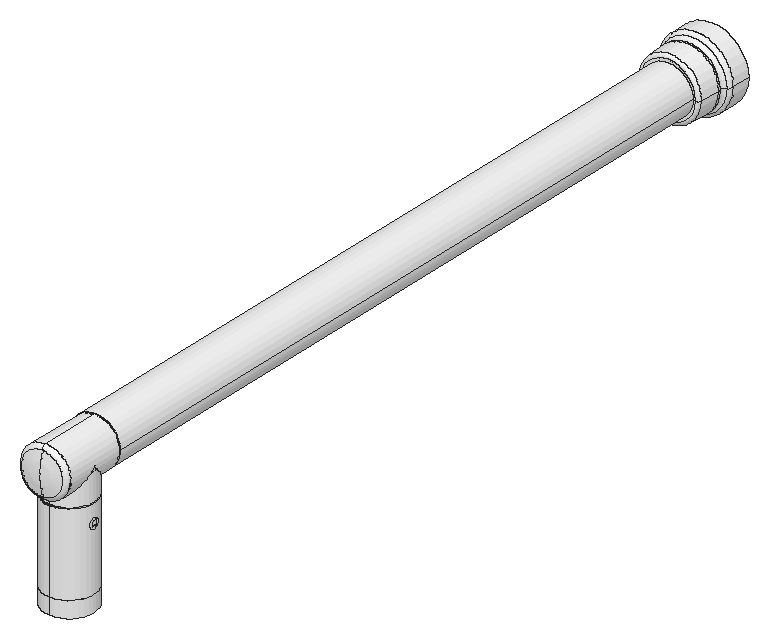
Revit family "53702  HGE-R-490", category Generic Models, Revit 2014
Parameters (values of type "Type")
  Length [instance] = 700 mm
  L [instance] = Length - 40 mm  # 660 mm
  Color = White
Reference planes
  plane 1 "Center (Front/Back)": y = 0
  plane 2: z = 0
  plane 3 "Center (Left/Right)": x = 0
  plane 4: z = 80
  plane 5: z = 80
Forms (mm)
  Extrusion 1, solid, material "White" <- "Color", detail levels fine
    sketch origin (0, -240, 0) x (0, 1, 0) y (-1, 0, 0)
      loop
        circle (-250, 0) r 15
      loop
        arc (-259.18, 1.509) -> (-257.943, 1.798) -> (-257.125, 2.785) r 2
        arc (-257.125, 2.785) -> (-256.488, 3.377) -> (-255.629, 3.247) r 1
        arc (-255.629, 3.247) -> (-255.132, 2.713) -> (-255.13, 1.984) r 1
        arc (-255.13, 1.984) -> (-255.5, 0) -> (-255.13, -1.984) r 5.5
        arc (-255.13, -1.984) -> (-255.132, -2.713) -> (-255.629, -3.247) r 1
        arc (-255.629, -3.247) -> (-256.491, -3.376) -> (-257.129, -2.775) r 1
        arc (-257.129, -2.775) -> (-257.943, -1.798) -> (-259.18, -1.509) r 2
        arc (-259.18, -1.509) -> (-260.955, -2.284) -> (-261.241, -4.2) r 2
        arc (-261.241, -4.2) -> (-258.485, -8.485) -> (-254.2, -11.241) r 12
        arc (-254.2, -11.241) -> (-252.284, -10.955) -> (-251.509, -9.18) r 2
        arc (-251.509, -9.18) -> (-251.798, -7.943) -> (-252.785, -7.125) r 2
        arc (-252.785, -7.125) -> (-253.377, -6.488) -> (-253.247, -5.629) r 1
        arc (-253.247, -5.629) -> (-252.713, -5.132) -> (-251.984, -5.13) r 1
        arc (-251.984, -5.13) -> (-250, -5.5) -> (-248.016, -5.13) r 5.5
        arc (-248.016, -5.13) -> (-247.287, -5.132) -> (-246.753, -5.629) r 1
        arc (-246.753, -5.629) -> (-246.623, -6.488) -> (-247.225, -7.129) r 1
        arc (-247.225, -7.129) -> (-248.202, -7.943) -> (-248.491, -9.18) r 2
        arc (-248.491, -9.18) -> (-247.716, -10.955) -> (-245.8, -11.241) r 2
        arc (-245.8, -11.241) -> (-241.515, -8.485) -> (-238.759, -4.2) r 12
        arc (-238.759, -4.2) -> (-239.045, -2.284) -> (-240.82, -1.509) r 2
        arc (-240.82, -1.509) -> (-242.057, -1.798) -> (-242.875, -2.785) r 2
        arc (-242.875, -2.785) -> (-243.512, -3.377) -> (-244.371, -3.247) r 1
        arc (-244.371, -3.247) -> (-244.868, -2.713) -> (-244.87, -1.984) r 1
        arc (-244.87, -1.984) -> (-244.5, 0) -> (-244.87, 1.984) r 5.5
        arc (-244.87, 1.984) -> (-244.868, 2.713) -> (-244.371, 3.247) r 1
        arc (-244.371, 3.247) -> (-243.512, 3.377) -> (-242.871, 2.775) r 1
        arc (-242.871, 2.775) -> (-242.057, 1.798) -> (-240.82, 1.509) r 2
        arc (-240.82, 1.509) -> (-239.045, 2.284) -> (-238.759, 4.2) r 2
        arc (-238.759, 4.2) -> (-241.515, 8.485) -> (-245.8, 11.241) r 12
        arc (-245.8, 11.241) -> (-247.716, 10.955) -> (-248.491, 9.18) r 2
        arc (-248.491, 9.18) -> (-248.202, 7.943) -> (-247.215, 7.125) r 2
        arc (-247.215, 7.125) -> (-246.623, 6.488) -> (-246.753, 5.629) r 1
        arc (-246.753, 5.629) -> (-247.287, 5.132) -> (-248.016, 5.13) r 1
        arc (-248.016, 5.13) -> (-250, 5.5) -> (-251.984, 5.13) r 5.5
        arc (-251.984, 5.13) -> (-252.713, 5.132) -> (-253.247, 5.629) r 1
        arc (-253.247, 5.629) -> (-253.377, 6.488) -> (-252.775, 7.129) r 1
        arc (-252.775, 7.129) -> (-251.798, 7.943) -> (-251.509, 9.18) r 2
        arc (-251.509, 9.18) -> (-252.284, 10.955) -> (-254.2, 11.241) r 2
        arc (-254.2, 11.241) -> (-258.485, 8.485) -> (-261.241, 4.2) r 12
        arc (-261.241, 4.2) -> (-260.955, 2.284) -> (-259.18, 1.509) r 2
    from 0 to 10
  Extrusion 2, solid, material "White" <- "Color", detail levels fine
    sketch origin (0, -240, 0) x (0, 1, 0) y (-1, 0, 0)
      loop
        circle (-250, 0) r 15
    from 10 to 60
  Extrusion 3, solid, material "White" <- "Color", detail levels fine
    sketch origin (0, -240, 0) x (0, 1, 0) y (0, 0, 1)
      loop
        circle (-250, 49) r 3
      loop
        line (-248.4, 49.924) -> (-250, 50.848) -> (-251.6, 49.924) -> (-251.6, 48.076) -> (-250, 47.152) -> (-248.4, 48.076) -> (-248.4, 49.924)
    from 0 to 15
  Revolve 4, solid, material "White" <- "Color", detail levels fine
    sketch origin (0, -240, 0) x (0, 1, 0) y (0, 0, 1)
      loop
        line (-272.303, 80) -> (-230, 80) -> (-230, 94.5)
        arc (-230, 94.5) -> (-230.146, 94.854) -> (-230.5, 95) r 0.5
        line (-230.5, 95) -> (-267.745, 95)
        arc (-267.745, 95) -> (-269.576, 94.377) -> (-270.646, 92.766) r 3
        arc (-270.646, 92.766) -> (-271.887, 86.437) -> (-272.303, 80) r 50
      axis (-272.303, 80) -> (-230, 80)
    angle from 0 to 360
  Extrusion 5, solid, material "White" <- "Color", detail levels fine
    sketch origin (0, 0, 0) x (-1, 0, 0) y (0, 0, 1)
      loop
        circle (0, 80) r 15
    from -470 to -33
  Revolve 6, solid, material "White" <- "Color", detail levels fine
    sketch origin (0, -240, 0) x (0, 1, 0) y (0, 0, 1)
      loop
        line (-250, 80) -> (-265, 80) -> (-265, 60.5)
        arc (-265, 60.5) -> (-264.854, 60.146) -> (-264.5, 60) r 0.5
        line (-264.5, 60) -> (-250, 60) -> (-250, 80)
      axis (-250, 80) -> (-250, 60)
    angle from 0 to 360
  Revolve 7, solid, material "White" <- "Color", detail levels fine
    sketch origin (0, 0, 80) x (1, 0, 0) y (0, 1, 0)
      loop
        line (22.475, -11.48) -> (22.475, 0) -> (20, 0) -> (20, -1) -> (9.5, -1) -> (9.5, -2) -> (5.5, -2) -> (5.5, -33) -> (16.866, -33)
        arc (16.866, -33) -> (18.243, -32.451) -> (18.864, -31.105) r 2
        line (18.864, -31.105) -> (19.496, -19.042)
        arc (19.496, -19.042) -> (19.447, -18.322) -> (19.227, -17.635) r 3
        arc (19.227, -17.635) -> (19.18, -15.661) -> (20.58, -14.269) r 2.5
        arc (20.58, -14.269) -> (21.956, -13.166) -> (22.475, -11.48) r 3
      axis (0, 0) -> (0, -33)
    angle from 0 to 360
  Extrusion 8, solid, material "White" <- "Color", detail levels medium
    sketch origin (0, 0, 0) x (1, 0, 0) y (0, 1, 0)
      loop
        circle (0, -490) r 15
    from 0 to 80
  Extrusion 9, solid, material "White" <- "Color", detail levels medium
    sketch origin (0, 0, 0) x (1, 0, 0) y (0, 0, 1)
      loop
        circle (0, 80) r 15
    from 33 to 512.303
  Extrusion 10, solid, material "White" <- "Color", detail levels medium
    sketch origin (0, 0, 0) x (1, 0, 0) y (0, 0, 1)
      loop
        circle (0, 80) r 22.475
    from 0 to 33
  Extrusion 11, solid, material "White" <- "Color", detail levels coarse
    sketch origin (0, 0, 0) x (1, 0, 0) y (0, 0, 1)
      loop
        line (-22.475, 0) -> (22.475, 0) -> (22.475, 102.475) -> (-22.475, 102.475) -> (-22.475, 0)
    from 0 to 512.303
Cuts and joins
  joined: Extrusion 1, Extrusion 2
  joined: Extrusion 5, Revolve 7
Dimensions and locks
  aligned and locked: level to plane 2
